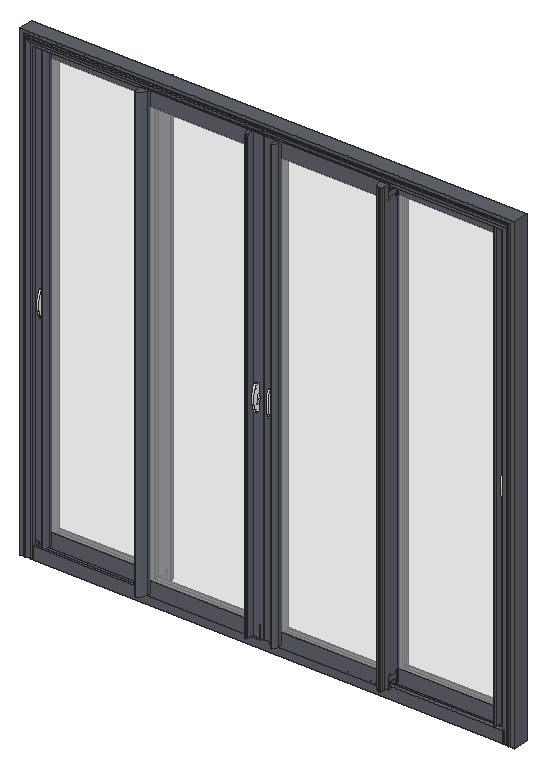
Revit family "Wicslide_65_Glass32_4_leaf_2_track_4_leaf_slide_or_2_inner_slide_2_outer_fixed", category Doors, host Wall, Revit 2014 (continued)
Definition of nested family "Leaf_Wicslide_65_G32_2_leaf_2_track_both_sliding_or_1_fixed_1slide_right"
  Definition of nested family "wicona_handle_2"
    Forms (mm)
      Extrusion 2, solid, material "Aluminium" <- "Handle Material"
        sketch origin (0, 0, 0) x (0, 1, 0) y (0, 0, 1)
          loop
            arc (-11.38, 61.209) -> (-25.13, 4.31) -> (-11.38, -52.589) r 124.599
            line (-11.38, -52.589) -> (0, -52.589) -> (0, 61.209)
        from -4.798 to 4.287
      Extrusion 3, solid, material "Aluminium" <- "Handle Material"
        sketch origin (-0.471, 0, 3.281) x (0.788011, 0, 0.615661) y (-0.615661, 0, 0.788011)
          loop
            line (-12.5, 3.457) -> (-12.5, -1.543) -> (2.5, -1.543) -> (2.5, 3.457) -> (-12.5, 3.457)
        from 0 to 7.131
    Dimensions and locks
      aligned and locked: level to plane 2
  Definition of nested family "Sash Verticals_1041270"
    Reference planes
      plane 1 "Center (Front/Back)": y = 0
      plane 2: z = 0
      plane 3 "Center (Left/Right)": x = 0
      plane 4: y = -44
      plane 5: y = -22
      plane 6: y = -6
      plane 7: y = -38
    Lines and regions (mm)
      Filled region 1, type "Concrete", in view "Ref. Level", detail levels medium
        outline origin (18.997, 3.58, 0) x (1, 0, 0) y (0, 1, 0)
          loop
            line (-18.997, -3.58) -> (-18.997, -8.98) -> (-9.097, -8.98) -> (-9.097, -5.18) -> (-0.109, -5.18) -> (-0.109, -45.98) -> (-9.097, -45.98) -> (-9.097, -42.18) -> (-18.997, -42.18) -> (-18.997, -47.58) -> (49.003, -47.58) -> (49.003, -41.58) -> (37.039, -41.58) -> (37.039, -9.58) -> (49.003, -9.58) -> (49.003, -3.58) -> (-18.997, -3.58)
      model lines, style "GLAS", in view "Ref. Level", detail levels fine
        curve 1: line (56.036, -2.324, 0) -> (56.036, -40.117, 0)
  Definition of nested family "Sash_horizontal_1041274"
    Reference planes
      plane 1 "Center (Front/Back)": y = 0
      plane 2: z = 0
      plane 3 "Center (Left/Right)": x = 0
      plane 4: y = -5.264
      plane 5: y = 46.634
      plane 6: x = -16
      plane 7: x = 16
    Lines and regions (mm)
      Filled region 1, type "Concrete", in view "Ref. Level", detail levels medium
        outline origin (18.997, 3.58, 0) x (1, 0, 0) y (0, 1, 0)
          loop
            line (-39.097, -8.845) -> (-35.597, -8.845) -> (-35.597, 1.655) -> (-37.497, 1.655) -> (-37.497, 22.334) -> (-0.495, 22.334) -> (-0.495, 1.655) -> (-2.394, 1.655) -> (-2.394, -8.845) -> (1.103, -8.845) -> (1.103, 55.157) -> (-2.997, 55.157) -> (-2.997, 43.054) -> (-34.997, 43.054) -> (-34.997, 55.156) -> (-39.097, 55.156) -> (-39.097, -8.845)
      detail lines, style "CENT3", in view "Ref. Level", not visible
        curve 1: line (123.517, -4.599, 0) -> (123.517, -38.599, 0)
      detail lines, style "GLAS", in view "Ref. Level", not visible
        curve 2: line (83.517, -9.599, 0) -> (123.517, -9.599, 0)
        curve 3: line (123.517, -9.599, 0) -> (123.517, -14.599, 0)
        curve 4: line (123.517, -14.599, 0) -> (83.517, -14.599, 0)
        curve 5: line (83.517, -14.599, 0) -> (83.517, -9.599, 0)
        curve 6: line (83.517, -28.599, 0) -> (123.517, -28.599, 0)
        curve 7: line (123.517, -28.599, 0) -> (123.517, -33.599, 0)
        curve 8: line (123.517, -33.599, 0) -> (83.517, -33.599, 0)
        curve 9: line (83.517, -33.599, 0) -> (83.517, -28.599, 0)
        curve 10: line (83.517, -10.599, 0) -> (123.517, -10.599, 0)
        curve 11: line (83.517, -11.599, 0) -> (123.517, -11.599, 0)
        curve 12: line (83.517, -12.599, 0) -> (123.517, -12.599, 0)
        curve 13: line (83.517, -13.599, 0) -> (123.517, -13.599, 0)
        curve 14: line (83.517, -14.599, 0) -> (123.517, -14.599, 0)
        curve 15: line (93.517, -14.599, 0) -> (93.517, -28.599, 0)
        curve 16: line (83.517, -28.599, 0) -> (123.517, -28.599, 0)
        curve 17: line (83.517, -29.599, 0) -> (123.517, -29.599, 0)
        curve 18: line (83.517, -30.599, 0) -> (123.517, -30.599, 0)
        curve 19: line (83.517, -31.599, 0) -> (123.517, -31.599, 0)
        curve 20: line (83.517, -32.599, 0) -> (123.517, -32.599, 0)
        curve 21: line (123.517, -9.599, 0) -> (83.517, -9.599, 0)
        curve 22: line (83.517, -9.599, 0) -> (83.517, -33.599, 0)
        curve 23: line (83.517, -33.599, 0) -> (123.517, -33.599, 0)
      detail lines, style "GLAS", in view "Ref. Level", not visible, detail levels fine
        curve 24: line (56.036, -6.117, 0) -> (96.036, -6.117, 0)
        curve 25: line (96.036, -30.117, 0) -> (56.036, -30.117, 0)
        curve 26: line (96.036, -6.117, 0) -> (56.036, -6.117, 0)
        curve 27: line (56.036, -6.117, 0) -> (56.036, -30.117, 0)
        curve 28: line (56.036, -30.117, 0) -> (96.036, -30.117, 0)
  Definition of nested family "Sash Verticals_1041271"
    Reference planes
      plane 1 "Center (Front/Back)": y = 0
      plane 2: z = 0
      plane 3 "Center (Left/Right)": x = 0
      plane 4: y = -44
      plane 5: y = -22
      plane 6: y = -6
      plane 7: y = -38
    Lines and regions (mm)
      Filled region 1, type "Concrete", in view "Ref. Level", detail levels medium
        outline origin (18.997, 3.58, 0) x (1, 0, 0) y (0, 1, 0)
          loop
            line (-18.997, -3.58) -> (-18.997, -8.98) -> (-9.097, -8.98) -> (-9.097, -5.18) -> (-0.109, -5.18) -> (-0.109, -45.98) -> (-9.097, -45.98) -> (-9.097, -42.18) -> (-18.997, -42.18) -> (-18.997, -70.58) -> (49.003, -70.58) -> (49.003, -41.58) -> (37.039, -41.58) -> (37.039, -9.58) -> (49.003, -9.58) -> (49.003, -3.58) -> (-18.997, -3.58)
      model lines, style "GLAS", in view "Ref. Level", detail levels fine
        curve 1: line (56.036, -2.324, 0) -> (56.036, -40.117, 0)
  Definition of nested family "Sash Verticals_1041272"
    Reference planes
      plane 1 "Center (Front/Back)": y = 0
      plane 2: z = 0
      plane 3 "Center (Left/Right)": x = 0
      plane 4: y = -44
      plane 5: y = -22
      plane 6: y = -6
      plane 7: y = -38
    Lines and regions (mm)
      Filled region 1, type "Concrete", in view "Ref. Level", detail levels medium
        outline origin (18.997, 5.863, 0) x (1, 0, 0) y (0, 1, 0)
          loop
            line (-18.997, -5.863) -> (-18.997, -11.863) -> (-8.997, -11.863) -> (-8.997, -7.463) -> (-0.109, -7.463) -> (-0.109, -48.263) -> (-8.997, -48.263) -> (-8.997, -43.863) -> (-18.997, -43.863) -> (-18.997, -49.863) -> (-2.997, -49.863) -> (-2.997, -69.862) -> (49.003, -69.862) -> (49.003, -43.863) -> (37.039, -43.863) -> (37.039, -11.863) -> (49.003, -11.863) -> (49.003, -5.863) -> (-18.997, -5.863)
      model lines, style "GLAS", in view "Ref. Level", detail levels fine
        curve 1: line (56.036, -2.324, 0) -> (56.036, -40.117, 0)
  Definition of nested family "Sash Verticals_1041273"
    Reference planes
      plane 1 "Center (Front/Back)": y = 0
      plane 2: z = 0
      plane 3 "Center (Left/Right)": x = 0
      plane 4: y = -44
      plane 5: y = -22
      plane 6: y = -6
      plane 7: y = -38
    Lines and regions (mm)
      Filled region 1, type "Concrete", in view "Ref. Level", detail levels medium
        outline origin (18.997, 5.863, 0) x (1, 0, 0) y (0, 1, 0)
          loop
            line (-18.997, -5.863) -> (-18.997, -11.263) -> (-8.997, -11.263) -> (-8.997, -7.463) -> (-0.109, -7.463) -> (-0.109, -48.263) -> (-8.997, -48.263) -> (-8.997, -44.463) -> (-18.997, -44.463) -> (-18.997, -49.863) -> (32.003, -49.863) -> (32.003, -72.818) -> (32.786, -79.191) -> (34.42, -83.863) -> (38.085, -83.863)
            arc (38.085, -83.863) -> (45.505, -72.219) -> (49.003, -58.863) r 44.553
            line (49.003, -58.863) -> (49.003, -43.863) -> (37.039, -43.863) -> (37.039, -11.863) -> (49.003, -11.863) -> (49.003, -5.863) -> (-18.997, -5.863)
      model lines, style "GLAS", in view "Ref. Level", detail levels fine
        curve 1: line (56.036, -2.324, 0) -> (56.036, -40.117, 0)
  Definition of nested family "Sash_lock"
    Reference planes
      plane 1 "Center (Front/Back)": y = 0
      plane 2: z = 0
      plane 3 "Center (Left/Right)": x = 0
      plane 4: y = -36
      plane 5: y = -18
  Definition of nested family "wicona_handle_2d"
    Reference planes
      plane 1 "Center (Front/Back)": y = 0
      plane 2: z = 0
      plane 3 "Center (Left/Right)": x = 0
    Lines and regions (mm)
      Filled region 1, type "Concrete", in view "Ref. Level", detail levels medium
        outline origin (18.997, 3.58, 0) x (1, 0, 0) y (0, 1, 0)
          loop
            line (-32.997, -3.58) -> (-32.997, -9.933) -> (-24.997, -13.663) -> (-24.997, -27.833) -> (-22.937, -29.893) -> (-14.406, -29.893) -> (-13.407, -28.894) -> (-12.884, -13.903) -> (-10.056, -13.145) -> (-10.056, -16.127) -> (-7.132, -23.016) -> (0.376, -23.016) -> (1.978, -21.414) -> (0.932, -15.482) -> (-2.662, -8.313) -> (-7.394, -3.58) -> (-32.997, -3.58)
      model lines, style "PIECES", in view "Ref. Level", detail levels fine
        curve 1: arc (14, -1.6, 0) -> (13.707, -0.893, 0) -> (13, -0.6, 0) r 1
        curve 2: arc (6.221, -10.26, 0) -> (7.596, -9.888, 0) -> (8.949, -9.443, 0) r 26.5
        curve 3: arc (-13.393, -7.367, 0) -> (-9.913, -9.076, 0) -> (-6.221, -10.26, 0) r 26.5
        curve 4: arc (11.211, -7.242, 0) -> (11.535, -6.913, 0) -> (11.677, -6.473, 0) r 1
        curve 5: line (11.793, -0.6, 0) -> (12.052, -0.6, 0)
        curve 6: line (12.052, -0.6, 0) -> (13, -0.6, 0)
        curve 7: line (8.949, -12.262, 0) -> (8.949, -8.492, 0)
        curve 8: line (-4.591, -26.312, 0) -> (4.591, -26.312, 0)
        curve 9: line (-5.814, -25, 0) -> (-6.068, -10.451, 0)
        curve 10: line (-6.068, -10.451, 0) -> (-6.221, -10.26, 0)
        curve 11: line (5.815, -24.927, 0) -> (6.068, -10.451, 0)
        curve 12: line (6.068, -10.451, 0) -> (6.221, -10.26, 0)
        curve 13: line (11.211, -7.242, 0) -> (10.341, -7.762, 0)
        curve 14: line (10.341, -7.762, 0) -> (9.463, -8.24, 0)
        curve 15: line (9.463, -8.24, 0) -> (8.565, -8.68, 0)
        curve 16: line (8.565, -8.68, 0) -> (7.649, -9.083, 0)
        curve 17: line (7.505, -9.142, 0) -> (7.006, -9.364, 0)
        curve 18: line (-13.393, -7.367, 0) -> (-13.886, -6.543, 0)
        curve 19: line (-13.886, -6.543, 0) -> (-14, 0, 0)
        curve 20: line (-14, 0, 0) -> (11.805, 0, 0)
        curve 21: line (11.805, 0, 0) -> (11.786, -1, 0)
        curve 22: line (11.786, -1, 0) -> (11.766, -2, 0)
        curve 23: line (11.766, -2, 0) -> (11.747, -2.999, 0)
        curve 24: line (11.747, -2.999, 0) -> (11.727, -3.999, 0)
        curve 25: line (11.727, -3.999, 0) -> (11.708, -4.999, 0)
        curve 26: line (11.708, -4.999, 0) -> (11.688, -5.999, 0)
        curve 27: line (11.688, -5.999, 0) -> (11.68, -6.413, 0)
        curve 28: line (12.793, -0.754, 0) -> (13.413, -1.137, 0)
        curve 29: line (13.413, -1.137, 0) -> (14.151, -1.812, 0)
        curve 30: line (14.151, -1.812, 0) -> (14.853, -2.523, 0)
        curve 31: line (14.853, -2.523, 0) -> (15.519, -3.269, 0)
        curve 32: line (15.519, -3.269, 0) -> (16.149, -4.046, 0)
        curve 33: line (16.149, -4.046, 0) -> (16.743, -4.851, 0)
        curve 34: line (16.743, -4.851, 0) -> (17.301, -5.68, 0)
        curve 35: line (17.301, -5.68, 0) -> (17.61, -6.174, 0)
        curve 36: line (12.052, -0.6, 0) -> (12.765, -0.743, 0)
        curve 37: line (17.643, -6.231, 0) -> (18.091, -7.125, 0)
        curve 38: line (18.091, -7.125, 0) -> (18.508, -8.034, 0)
        curve 39: line (18.508, -8.034, 0) -> (18.897, -8.955, 0)
        curve 40: line (18.897, -8.955, 0) -> (19.257, -9.888, 0)
        curve 41: line (19.257, -9.888, 0) -> (19.59, -10.831, 0)
        curve 42: line (19.59, -10.831, 0) -> (19.895, -11.783, 0)
        curve 43: line (19.895, -11.783, 0) -> (20.172, -12.744, 0)
        curve 44: line (20.172, -12.744, 0) -> (20.422, -13.712, 0)
        curve 45: line (20.422, -13.712, 0) -> (20.645, -14.687, 0)
        curve 46: line (20.645, -14.687, 0) -> (20.841, -15.667, 0)
        curve 47: line (20.841, -15.667, 0) -> (21.011, -16.653, 0)
        curve 48: line (21.011, -16.653, 0) -> (21.043, -16.863, 0)
        curve 49: line (21.043, -16.863, 0) -> (20.974, -17.852, 0)
        curve 50: line (20.974, -17.852, 0) -> (20.702, -18.43, 0)
        curve 51: line (20.702, -18.43, 0) -> (20.014, -19.149, 0)
        curve 52: line (20.014, -19.149, 0) -> (19.107, -19.554, 0)
        curve 53: line (19.107, -19.554, 0) -> (18.664, -19.6, 0)
        curve 54: line (18.664, -19.6, 0) -> (16.934, -19.6, 0)
        curve 55: line (16.934, -19.6, 0) -> (15.934, -19.6, 0)
        curve 56: line (15.934, -19.6, 0) -> (14.934, -19.6, 0)
        curve 57: line (14.934, -19.6, 0) -> (13.934, -19.6, 0)
        curve 58: line (13.934, -19.6, 0) -> (13.413, -19.6, 0)
        curve 59: line (13.413, -19.6, 0) -> (12.446, -19.377, 0)
        curve 60: line (12.446, -19.377, 0) -> (11.651, -18.781, 0)
        curve 61: line (11.651, -18.781, 0) -> (11.243, -18.216, 0)
        curve 62: line (11.243, -18.216, 0) -> (10.768, -17.336, 0)
        curve 63: line (10.768, -17.336, 0) -> (10.324, -16.441, 0)
        curve 64: line (10.324, -16.441, 0) -> (9.909, -15.531, 0)
        curve 65: line (9.909, -15.531, 0) -> (9.525, -14.608, 0)
        curve 66: line (9.525, -14.608, 0) -> (9.171, -13.672, 0)
        curve 67: line (9.162, -13.647, 0) -> (8.966, -12.67, 0)
        curve 68: line (8.963, -12.62, 0) -> (8.951, -12.312, 0)
        curve 69: arc (-5.814, -25, 0) -> (-5.429, -25.928, 0) -> (-4.501, -26.312, 0) r 1.312
        curve 70: arc (4.591, -26.312, 0) -> (5.454, -25.955, 0) -> (5.812, -25.091, 0) r 1.221
  Definition of nested family "window_2_pieces_glass_line"
    Parameters (values of type "T32")
      v1 = 5 mm
      line = 10 mm
      built-in parameter 1001306 [instance] = 1200 mm
      Glass Thickness = 32 mm
    Types (2, lengths in mm): name | Glass Thickness
      T24 | 24
      T32 | 32
    Reference planes
      plane 1 "Center (Front/Back)": y = 0
      plane 2: z = 0
      plane 3 "Left": x = 0
      plane 4 "Right": x = 1200
      plane 5: y = 32
      plane 6: y = 5
      plane 7: y = 27
      plane 8: x = 10
      plane 9: x = 1190
    Lines and regions (mm)
      reference lines, in view "Ref. Level"
        curve 1: line (0, 0, 0) -> (1200, 0, 0)
      detail lines, in view "Ref. Level", detail levels medium+fine
        curve 2: line (0, 32, 0) -> (1200, 32, 0)
        curve 3: line (0, 0, 0) -> (1200, 0, 0)
      detail lines, in view "Ref. Level", detail levels fine
        curve 4: line (0, 27, 0) -> (1200, 27, 0)
        curve 5: line (0, 5, 0) -> (1200, 5, 0)
      model lines, style "DetailComponents", in view "Ref. Level", detail levels fine
        curve 6: line (10, 27, 0) -> (10, 5, 0)
      detail lines, style "DetailComponents", in view "Ref. Level", detail levels fine
        curve 7: line (1190, 27, 0) -> (1190, 5, 0)
      model lines, style "DetailComponents", in view "Ref. Level", detail levels medium+fine
        curve 8: line (1200, 32, 0) -> (1200, 0, 0)
      detail lines, style "DetailComponents", in view "Ref. Level", detail levels medium+fine
        curve 9: line (0, 32, 0) -> (0, 0, 0)
    Dimensions and locks
      "built-in parameter 1001306": plane 3 "Left" to plane 4 "Right"
      "Glass Thickness": plane 5 to plane 1 "Center (Front/Back)"
      plane 5 to plane 1 "Center (Front/Back)" = 32 mm
      "v1": plane 5 to plane 7
      "v1": plane 6 to plane 1 "Center (Front/Back)"
      "line": plane 3 "Left" to plane 8
      "line": plane 9 to plane 4 "Right"
      aligned and locked: plane 1 "Center (Front/Back)" to curve 1
      aligned and locked: plane 3 "Left" to curve 1
      aligned and locked: plane 4 "Right" to curve 1
      aligned and locked: plane 5 to curve 2
      aligned and locked: plane 7 to curve 4
      aligned and locked: plane 6 to curve 5
      aligned and locked: curve 5 to curve 6
      aligned and locked: curve 6 to plane 8
      aligned and locked: curve 5 to curve 7
      aligned and locked: curve 7 to plane 9
      aligned and locked: plane 1 "Center (Front/Back)" to curve 9
      aligned and locked: curve 9 to plane 3 "Left"
      aligned and locked: curve 2 to curve 8
      aligned and locked: curve 3 to curve 8
      aligned and locked: curve 8 to plane 4 "Right"
      aligned and locked: curve 4 to curve 7
      aligned and locked: curve 4 to curve 6
    Automatic sketch dimensions
      curve 5 to plane 4 "Right" = 0 mm
      curve 4 to plane 4 "Right" = 0 mm
      curve 3 to plane 4 "Right" = 0 mm
      curve 2 to plane 4 "Right" = 0 mm
  Definition of nested family "Sash meeting 3041251"
    Parameters (values of type "Sash meeting 3041251")
      6 = 6 mm
    Reference planes
      plane 1 "Center (Front/Back)": y = 0
      plane 2: z = 0
      plane 3 "Center (Left/Right)": x = 0
      plane 4: y = -40
      plane 5: y = -18
      plane 6: x = 18.975
      plane 7: y = -2
      plane 8: y = -34
      plane 9: y = 4.5
    Lines and regions (mm)
      Filled region 1, type "Concrete", in view "Ref. Level", detail levels medium
        outline origin (18.997, 3.58, 0) x (1, 0, 0) y (0, 1, 0)
          loop
            line (-0.022, -78.58) -> (-0.022, 4.412) -> (-18.997, 4.412) -> (-18.997, 0.72) -> (-38.109, 0.72) -> (-38.109, -5.58) -> (-26.02, -5.58) -> (-26.02, -37.58) -> (-38.109, -37.58) -> (-38.109, -78.58) -> (-0.022, -78.58)
  Definition of nested family "Sash meeting 3041250"
    Parameters (values of type "Sash meeting 3041250")
      6 = 6 mm
    Reference planes
      plane 1 "Center (Front/Back)": y = 0
      plane 2: z = 0
      plane 3 "Center (Left/Right)": x = 0
      plane 4: y = -40
      plane 5: y = -18
      plane 6: x = 18.975
      plane 7: y = -2
      plane 8: y = -34
    Lines and regions (mm)
      Filled region 1, type "Concrete", in view "Ref. Level", detail levels medium
        outline origin (18.997, 3.58, 0) x (1, 0, 0) y (0, 1, 0)
          loop
            line (-0.022, -43.58) -> (-0.022, 4.412) -> (-18.997, 4.412) -> (-18.997, 0.72) -> (-38.109, 0.72) -> (-38.109, -5.58) -> (-26.02, -5.58) -> (-26.02, -37.58) -> (-38.109, -37.58) -> (-38.109, -43.58) -> (-0.022, -43.58)
  Definition of nested family "Sash meeting 3041252"
    Parameters (values of type "Sash meeting 3041252")
      6 = 6 mm
    Reference planes
      plane 1 "Center (Front/Back)": y = 0
      plane 2: z = 0
      plane 3 "Center (Left/Right)": x = 0
      plane 4: y = -40
      plane 5: y = -18
      plane 6: x = 18.975
      plane 7: y = -2
      plane 8: y = -34
      plane 9: y = 4.5
    Lines and regions (mm)
      Filled region 1, type "Concrete", in view "Ref. Level", detail levels medium
        outline origin (18.997, 3.58, 0) x (1, 0, 0) y (0, 1, 0)
          loop
            line (-0.022, -60.28) -> (-0.022, 4.412) -> (-18.997, 4.412) -> (-18.997, 0.72) -> (-38.109, 0.72) -> (-38.109, -5.58) -> (-26.02, -5.58) -> (-26.02, -37.58) -> (-38.109, -37.58) -> (-38.109, -52.434)
            arc (-38.109, -52.434) -> (-28.07, -70.772) -> (-11.546, -83.58) r 51.285
            line (-11.546, -83.58) -> (-4.436, -83.58) -> (-0.022, -60.28)
Definition of nested family "Frame_1041231"
  Reference planes
    plane 1 "Center (Front/Back)": y = 0
    plane 2: z = 0
    plane 3 "Center (Left/Right)": x = 0
  Lines and regions (mm)
    Filled region 1, type "Concrete", in view "Ref. Level", detail levels medium
      outline origin (18.997, 3.58, 0) x (1, 0, 0) y (0, 1, 0)
        loop
          line (-18.997, -3.58) -> (-18.997, -68.58) -> (28.505, -68.58) -> (28.505, -56.58) -> (9.034, -56.58) -> (9.034, -15.58) -> (28.505, -15.58) -> (28.505, -3.58) -> (-18.997, -3.58)
Definition of nested family "Frame_1041226"
  Reference planes
    plane 1 "Center (Front/Back)": y = 0
    plane 2: z = 0
    plane 3 "Center (Left/Right)": x = 0
    plane 4: y = -65
  Lines and regions (mm)
    Filled region 1, type "Concrete", in view "Ref. Level", detail levels medium
      outline origin (18.997, 3.58, 0) x (1, 0, 0) y (0, 1, 0)
        loop
          line (-18.997, -3.58) -> (-18.997, -68.58) -> (-2.997, -68.58) -> (-2.997, -63.512) -> (-1.065, -61.58) -> (3.709, -61.58) -> (3.709, -70.58) -> (9.471, -70.58) -> (22.099, -68.58) -> (35.503, -68.58) -> (35.503, -56.58) -> (16.07, -56.58) -> (16.07, -15.58) -> (35.503, -15.58) -> (35.503, -3.58) -> (-18.997, -3.58)
Definition of nested family "Frame_Bottom_1041232"
  Reference planes
    plane 1 "Center (Front/Back)": y = 0
    plane 2: z = 0
    plane 3 "Center (Left/Right)": x = 0
    plane 4: y = -65
  Lines and regions (mm)
    Filled region 1, type "Concrete", in view "Ref. Level", detail levels medium
      outline origin (18.997, -68.58, 0) x (0, -1, 0) y (1, 0, 0)
        loop
          line (19.42, 13.237) -> (19.42, 28.505) -> (-15.58, 28.505) -> (-15.58, 9.034) -> (-56.58, 9.034) -> (-56.58, 28.505) -> (-68.58, 28.505) -> (-68.58, -18.997) -> (-3.58, -18.997) -> (-3.58, -2.747) -> (10.554, -2.747)
          arc (10.554, -2.747) -> (15.822, 4.781) -> (19.42, 13.237) r 44.207
Definition of nested family "Seal"
  Reference planes
    plane 1 "Center (Front/Back)": y = 0
    plane 2: z = 0
    plane 3 "Center (Left/Right)": x = 0
Definition of nested family "sliding door_coarse"
  Parameters (values of type "52")
    line = 52 mm
    built-in parameter 1001306 [instance] = 1400 mm
    Glass Thickness = 52 mm
  Types (4, lengths in mm): name | line | built-in parameter 1001306 | Glass Thickness
    36 | 36 | 1200 | 36
    40 | 40 | 1200 | 40
    44 | 44 | 1400 | 44
    52 | 52 | 1400 | 52
  Reference planes
    plane 1 "Center (Front/Back)": y = 0
    plane 2: z = 0
    plane 3 "Left": x = 0
    plane 4 "Right": x = 1400
    plane 5: y = 26
    plane 6: y = -26
    plane 7: x = 52
    plane 8: x = 1348
  Lines and regions (mm)
    reference lines, in view "Ref. Level"
      curve 1: line (52, 0, 0) -> (1348, 0, 0)
    detail lines, in view "Ref. Level", detail levels coarse
      curve 2: line (0, 26, 0) -> (1400, 26, 0)
      curve 3: line (0, -26, 0) -> (1400, -26, 0)
      curve 4: line (52, 0, 0) -> (1348, 0, 0)
    model lines, style "DetailComponents", in view "Ref. Level", detail levels coarse
      curve 5: line (1400, 26, 0) -> (1400, -26, 0)
    detail lines, style "DetailComponents", in view "Ref. Level", detail levels coarse
      curve 6: line (0, 26, 0) -> (0, -26, 0)
      curve 7: line (52, 26, 0) -> (52, -26, 0)
      curve 8: line (1348, 26, 0) -> (1348, -26, 0)
  Dimensions and locks
    "built-in parameter 1001306": plane 3 "Left" to plane 4 "Right"
    "line": plane 3 "Left" to plane 7
    "line": plane 8 to plane 4 "Right"
    "Glass Thickness": plane 5 to plane 6
    equal spacing: plane 5, plane 1 "Center (Front/Back)", plane 6
    aligned and locked: plane 1 "Center (Front/Back)" to curve 1
    aligned and locked: plane 5 to curve 2
    aligned and locked: curve 6 to plane 3 "Left"
    aligned and locked: curve 2 to curve 5
    aligned and locked: curve 3 to curve 5
    aligned and locked: curve 5 to plane 4 "Right"
    aligned and locked: curve 7 to plane 7
    aligned and locked: curve 8 to plane 5
    aligned and locked: curve 8 to plane 8
    aligned and locked: plane 7 to curve 4
    aligned and locked: plane 8 to curve 4
    aligned and locked: plane 6 to curve 3
    aligned and locked: curve 1 to curve 4
  Automatic sketch dimensions
    curve 3 to plane 4 "Right" = 0 mm
    curve 2 to plane 4 "Right" = 0 mm
    curve 1 to plane 8 = 0 mm
    curve 1 to plane 7 = 0 mm
